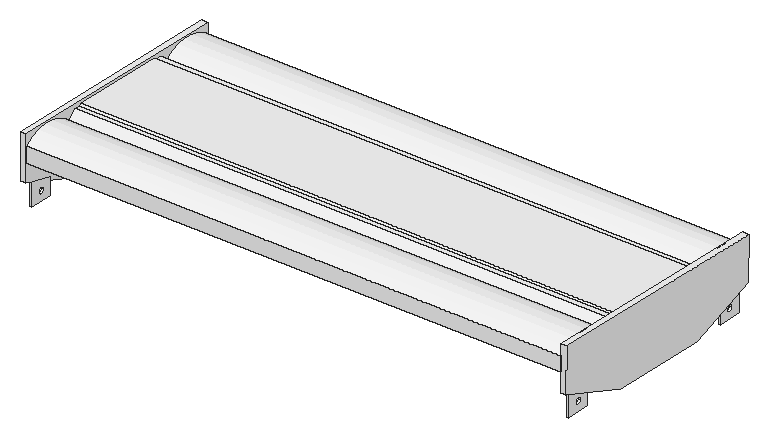
Revit family "CLB", category Lighting Fixtures, host Face, Revit 2021
Family settings
  Host = Face
  Round Connector Dimension = Use Diameter
  Part Type = Normal
  OmniClass Number = 23.80.70.11.14.17
  OmniClass Title = Direct/Indirect
  Cut with Voids When Loaded = No
  Light Source = Yes
  Shared = Yes
  Room Calculation Point = No
Parameters (values of type "CLB2-LX")
  zz Length 2 = 24"
  Watts = 75 W  # constant formula
  Wattage Comments = "75W"  # constant formula
  Wattage = 75 W
  Warranty = "Five year warranty"  # constant formula
  built-in parameter 1150110 = 1 (stored number, unit not read)
  Voltage = 120 V
  URL = "https://www.currentlighting.com/columbia"
  Type Comments = "Lighting Fixture"  # constant formula
  built-in parameter 1114217 = 1 (stored number, unit not read)
  Tilt Angle = 90.00°
  built-in parameter 1150109 = 1 (stored number, unit not read)
  built-in parameter 1150134 = 12
  built-in parameter 1150113 = 1 (stored number, unit not read)
  Product Page URL = ""
  Product Documentation Link = ""
  Power Factor = 1
  Photometric Web File = "CLB2-40LX-N-EDU.ies"
  Model = "CLB"  # constant formula
  Manufacturer = "Columbia Lighting"  # constant formula
  built-in parameter 1150105 = 830538.1 (stored number, unit not read)
  Lumens = 10436850 lm
  built-in parameter 1150115 = 1 (stored number, unit not read)
  Load Classification = Lighting
  built-in parameter 1150137 = (empty or 0)
  built-in parameter 1150139 = (empty or 0)
  built-in parameter 1150112 = 1 (stored number, unit not read)
  built-in parameter 1150114 = 1 (stored number, unit not read)
  Lamp = "LED"  # constant formula
  LX = yes
  HH = no
  Glass = White Glass
  built-in parameter 1150132 = (empty or 0)
  built-in parameter 1150102 = (empty or 0)
  built-in parameter 1150107 = 4000 (stored number, unit not read)
  built-in parameter 1150138 = (empty or 0)
  built-in parameter 1150106 = 8305.4 (stored number, unit not read)
  Emit from Rectangle Width = 13"  # constant formula
  Emit from Rectangle Length = zz Length 2 - 2"  # 22"
  Copyright = "Copyright © Columbia Lighting"  # constant formula
  Contact Us = ""
  Ceiling Type = "Celing Mount"  # constant formula
  Emit Shape Visible in Rendering = no
  built-in parameter 1150104 = 12928.2 (stored number, unit not read)
  Dimming Lamp Color Temperature Shift = Incandescent Lamp Curve
  Description = "Linear High Bay"  # constant formula
  Default Elevation = 48"
  Finish = Arctic White
  Color Filter = 16777215
  built-in parameter 1114218 = 1 (stored number, unit not read)
  built-in parameter 1150133 = 10 (stored number, unit not read)
  Assembly Code = "D5020200"
  Apparent Load = Watts / Power Factor  # 75 VA
Types (5): name | zz Length 2 | Photometric Web File | built-in parameter 1150105 | Lumens | LX | HH | built-in parameter 1150106 | Emit from Rectangle Length | built-in parameter 1150104
  (no name) | 24" | "CLB2-40LX-N-EDU.ies" | 830538.1 (stored number, unit not read) | 10436850 lm | yes | no | 8305.4 (stored number, unit not read) | 22" | 12928.2 (stored number, unit not read)
  CLB4-MX | 48" | "CLB4-50MX-W-EDU.ies" | 829.6 (stored number, unit not read) | 10425 lm | yes | no | 8.296 (stored number, unit not read) | 46" | 12.914 (stored number, unit not read)
  CLB2-LX | 24" | "CLB2-40LX-N-EDU.ies" | 830538.1 (stored number, unit not read) | 10436850 lm | yes | no | 8305.4 (stored number, unit not read) | 22" | 12928.2 (stored number, unit not read)
  CLB2-MV | 24" | "CLB2-40MV-N-EDU.ies" | 830538.1 (stored number, unit not read) | 10436850 lm | no | yes | 8305.4 (stored number, unit not read) | 22" | 12928.2 (stored number, unit not read)
  CLB4-HH | 48" | "CLB4-40HH-N-EDU.ies" | 829.6 (stored number, unit not read) | 10425 lm | no | yes | 8.296 (stored number, unit not read) | 46" | 12.914 (stored number, unit not read)
Reference planes (in)
  plane 1 "Center (Front/Back)": y = 6.16697
  plane 2: z = 0
  plane 3 "Center (Left/Right)": x = 0
  plane 4: z = 0
Lines and regions (in)
  reference lines
    curve 1: line (0, 14.66697, -3.25) -> (0, 17.66697, -0.25)
    curve 2: line (0, -2.33303, -3.25) -> (0, 14.66697, -3.25)
    curve 3: line (0, -5.33303, -0.25) -> (0, -2.33303, -3.25)
    curve 4: line (0, 14.66697, -3.25) -> (0, 17.66697, -0.25)
    curve 5: line (0, -5.33303, -0.25) -> (0, 17.66697, -0.25)
    curve 6: line (0, 17.41697, -0.77432) -> (0, 18.16697, -0.77432)
    curve 7: line (0, 17.41697, -1.52432) -> (0, 17.41697, -0.77432)
    curve 8: line (0, 16.93705, -1.52432) -> (0, 17.41697, -1.52432)
    curve 9: line (0, 15.16697, -4.25) -> (0, 16.93705, -1.52432)
    curve 10: line (0, -4.60311, -1.52432) -> (0, -2.83303, -4.25)
    curve 11: line (0, -5.08303, -1.52432) -> (0, -4.60311, -1.52432)
    curve 12: line (0, -5.08303, -0.77432) -> (0, -5.08303, -1.52432)
    curve 13: line (0, -5.83303, -0.77432) -> (0, -5.08303, -0.77432)
Dimensions and locks (in)
  aligned and locked: plane 2 to host face
  aligned and locked: level to host face
  aligned and locked: imposter light to plane 3 "Center (Left/Right)"
  aligned and locked: imposter light to plane 1 "Center (Front/Back)"
  aligned and locked: plane 3 "Center (Left/Right)" to nested 1
  aligned and locked: plane 1 "Center (Front/Back)" to nested 1
  aligned and locked: plane 3 "Center (Left/Right)" to nested 2
  aligned and locked: plane 1 "Center (Front/Back)" to nested 2
Nested families (in)
  nested 1: "C" at (2.04767, 6.12698, 0), Glass <- "Glass", Backbox <- "Finish", zz Length 1 <- "zz Length 2", visible <- "HH", type "HH-14"
    with zz Length 2 14.59", zz Length 1 24", Glass White Glass, Backbox Arctic White
  nested 2: "LED High Performance High Bay" at (2.04767, 6.12698, 0), visible <- "LX", zz Length 1 <- "zz Length 2", Glass <- "Glass", Backbox <- "Finish", type "LX-10"
    with zz Length 2 14.7", zz Length 1 24", Glass White Glass, Backbox Arctic White
Connectors (in)
  electrical at (0, 6.16697, 0), driven by "Load Classification", driven by "Voltage", driven by "Apparent Load", driven by "Power Factor"
    settings: on nested 1, index 1, voltage 120 V, apparent load 75 VA, apparent load phase1 0 VA, apparent load phase2 0 VA, apparent load phase3 0 VA, power factor 1, load classification "Lighting", number of poles 1, system type 30, power factor state 1, is connector primary yes, connector utility no, sub classification motor no, connector description "Electrical Connector"
Definition of nested family "C"
  Parameters
    zz Length 2 [instance] = 14.7"
    Wattage Comments = ""
    URL = ""
    zz Length 1 [instance] = 43.1"
    Model = ""
    Manufacturer = ""
    Lamp = ""
    Glass [instance] = none
    Description = ""
    Default Elevation = 48"
    Backbox [instance] = none
  Reference planes (in)
    plane 1 "Center (Front/Back)": y = 0.03999
    plane 2: z = 0
    plane 3 "Center (Left/Right)": x = -2.04767
    plane 4: x = -23.59767
    plane 5: x = 19.50233
    plane 6: x = -23.34767
    plane 7: x = 19.25233
    plane 8: z = 3
    plane 9: y = -7.31001
    plane 10: y = 7.38999
    plane 11: y = 3.18043
    plane 12: y = -3.10045
    plane 13: x = -23.44767
    plane 14: x = 19.35233
  Forms (in)
    Extrusion 1, solid
      sketch origin (0, 0, 0.06357) x (1, 0, 0) y (0, 1, 0)
        loop
          line (-48, 48) -> (-48, -48) -> (48, -48) -> (48, 48) -> (-48, 48)
      from -0.06357 to -17.74365
    Extrusion 2, solid, material <- "Backbox"
      sketch origin (-2.04767, 0, 0) x (0, 1, 0) y (0, 0, 1)
        loop
          line (7.38999, 1.08521) -> (7.38999, 2.75) -> (-7.31001, 2.75) -> (-7.31001, 1.08521) -> (-3.32094, 0.01634) -> (3.40092, 0.01634) -> (7.38999, 1.08521)
      from 21.3 to 21.55
    Extrusion 3, solid, material <- "Backbox"
      sketch origin (-2.04767, 0, 0) x (0, 1, 0) y (0, 0, 1)
        loop
          line (2.07792, 2.30355) -> (-1.99794, 2.30355) -> (-2.05612, 2.22331) -> (-2.30612, 2.22331) -> (-2.62077, 1.90866)
          arc (-2.62077, 1.90866) -> (-3.67692, 2.55508) -> (-4.73308, 1.90866) r 1.18601
          arc (-4.73308, 1.90866) -> (-5.79953, 2.6601) -> (-6.86599, 1.90866) r 1.13249
          line (-6.86599, 1.90866) -> (-6.69345, 1.67) -> (-3.14716, 0.01634) -> (3.40092, 0.01634) -> (6.77343, 1.67) -> (6.94597, 1.90866)
          arc (6.94597, 1.90866) -> (5.87951, 2.6601) -> (4.81306, 1.90866) r 1.13249
          arc (4.81306, 1.90866) -> (3.75691, 2.55508) -> (2.70075, 1.90866) r 1.18601
          line (2.70075, 1.90866) -> (2.38611, 2.22331) -> (2.13611, 2.22331) -> (2.07792, 2.30355)
      from -21.3 to 21.3
    Extrusion 4, solid, material <- "Backbox"
      sketch origin (-2.04767, 0, 0) x (0, 1, 0) y (0, 0, -1)
        loop
          line (7.38999, -1.08521) -> (3.40092, -0.01634) -> (-3.32094, -0.01634) -> (-7.31001, -1.08521) -> (-7.31001, -2.75) -> (7.38999, -2.75) -> (7.38999, -1.08521)
      from 21.3 to 21.55
    Extrusion 5, solid, material <- "Backbox"
      sketch origin (-2.04767, 0, 0) x (0, 1, 0) y (0, 0, 1)
        loop
          line (5.2063, 0.50009) -> (5.2063, -0.23196) -> (6.2063, -0.23196) -> (6.2063, 0.76804) -> (5.2063, 0.50009)
        loop
          circle (5.69721, 0.19066) r 0.15
        loop
          line (-5.12631, 0.50009) -> (-6.12631, 0.76804) -> (-6.12631, -0.23196) -> (-5.12631, -0.23196) -> (-5.12631, 0.50009)
        loop
          circle (-5.61723, 0.19066) r 0.15
      from 21.3 to 21.4
    Extrusion 6, solid, material <- "Backbox"
      sketch origin (-2.04767, 0, 0) x (0, 1, 0) y (0, 0, -1)
        loop
          line (5.2063, -0.50009) -> (6.2063, -0.76804) -> (6.2063, 0.23196) -> (5.2063, 0.23196) -> (5.2063, -0.50009)
        loop
          circle (5.69721, -0.19066) r 0.15
        loop
          line (-5.12631, -0.50009) -> (-5.12631, 0.23196) -> (-6.12631, 0.23196) -> (-6.12631, -0.76804) -> (-5.12631, -0.50009)
        loop
          circle (-5.61723, -0.19066) r 0.15
      from 21.3 to 21.4
  Dimensions and locks (in)
    equal spacing: plane 5, plane 3 "Center (Left/Right)", plane 4
    locked: plane 6 to plane 4 at 0.25
    "zz Length 1": plane 5 to plane 4
    equal spacing: plane 7, plane 3 "Center (Left/Right)", plane 6
    plane 8 to plane 2 = 3"
    equal spacing: plane 10, plane 1 "Center (Front/Back)", plane 9
    "zz Length 2": plane 10 to plane 9
    locked: plane 10 to plane 11 at 4.20956
    locked: plane 12 to plane 9 at 4.20956
    plane 10 to plane 9 = 14.7"
    locked: plane 13 to plane 4 at 0.15
    locked: plane 5 to plane 14 at 0.15
    aligned and locked: plane 2 to Extrusion 1
    aligned and locked: level to Extrusion 1
    aligned and locked: Extrusion 3 to plane 6
    aligned and locked: plane 7 to Extrusion 3
    aligned and locked: plane 5 to Extrusion 2
    aligned and locked: Extrusion 2 to plane 7
    aligned and locked: Extrusion 5 to plane 7
    aligned and locked: plane 6 to Extrusion 4
    aligned and locked: Extrusion 4 to plane 4
    aligned and locked: plane 6 to Extrusion 6
    aligned and locked: Extrusion 6 to plane 13
    aligned and locked: plane 14 to Extrusion 5
  Automatic sketch dimensions
    Extrusion 1 sketch curve to Extrusion 1 sketch curve = 96"  (x2)
    Extrusion 2 sketch curve to plane 9 = 0"
    Extrusion 2 sketch curve to plane 10 = 0"
    level to Extrusion 2 sketch curve = 0.01634"
    Extrusion 2 sketch curve to plane 12 = 0.22049"
    Extrusion 2 sketch curve to plane 11 = 0.22049"
    level to Extrusion 2 sketch curve = 1.08521"  (x2)
    Extrusion 2 sketch curve to plane 8 = 1/4"
    Extrusion 3 sketch curve to plane 9 = 0.44402"
    Extrusion 3 sketch curve to Extrusion 3 sketch curve = 0.17254"  (x2)
    Extrusion 3 sketch curve to Extrusion 3 sketch curve = 0.89392"
    Extrusion 3 sketch curve to plane 12 = 0.57648"
    level to Extrusion 3 sketch curve = 0.01634"
    Extrusion 3 sketch curve to plane 12 = 0.04671"
    plane 12 to Extrusion 3 sketch curve = 0.47968"
    Extrusion 3 sketch curve to Extrusion 3 sketch curve = 0.31465"  (x4)
    Extrusion 3 sketch curve to Extrusion 3 sketch curve = 1/4"  (x2)
    Extrusion 3 sketch curve to Extrusion 3 sketch curve = 0.05819"  (x2)
    plane 11 to Extrusion 3 sketch curve = 1.10251"
    Extrusion 3 sketch curve to plane 11 = 0.22049"
    Extrusion 3 sketch curve to plane 11 = 0.57648"
    Extrusion 3 sketch curve to plane 10 = 1.51048"
    Extrusion 3 sketch curve to plane 10 = 0.61656"
    level to Extrusion 3 sketch curve = 1.36907"  (x2)
    Extrusion 3 sketch curve to plane 8 = 1.47239"  (x2)
    Extrusion 3 sketch curve to Extrusion 3 sketch curve = 0.14239"  (x2)
    Extrusion 3 sketch curve to plane 8 = 1.09134"  (x2)
    Extrusion 3 sketch curve to Extrusion 3 sketch curve = 0.23866"  (x2)
    Extrusion 3 sketch curve to Extrusion 3 sketch curve = 0.08024"
    Extrusion 4 sketch curve to plane 9 = 0"
    Extrusion 4 sketch curve to plane 10 = 0"
    level to Extrusion 4 sketch curve = 0.01634"
    Extrusion 4 sketch curve to plane 12 = 0.22049"
    Extrusion 4 sketch curve to plane 11 = 0.22049"
    level to Extrusion 4 sketch curve = 1.08521"  (x2)
    Extrusion 4 sketch curve to plane 8 = 1/4"
    Extrusion 5 sketch curve to plane 9 = 1.1837"
    level to Extrusion 5 sketch curve = 0.19066"  (x2)
    Extrusion 5 sketch curve to Extrusion 5 sketch curve = 0.50908"  (x2)
    Extrusion 5 sketch curve to level = 0.23196"  (x2)
    Extrusion 5 sketch curve to Extrusion 5 sketch curve = 0.49092"  (x2)
    level to Extrusion 5 sketch curve = 0.50009"  (x2)
    Extrusion 5 sketch curve to plane 11 = 2.02587"
    level to Extrusion 5 sketch curve = 0.76804"  (x2)
    Extrusion 6 sketch curve to plane 9 = 1.1837"
    level to Extrusion 6 sketch curve = 0.19066"  (x2)
    Extrusion 6 sketch curve to Extrusion 6 sketch curve = 0.50908"  (x2)
    Extrusion 6 sketch curve to level = 0.23196"  (x2)
    Extrusion 6 sketch curve to Extrusion 6 sketch curve = 0.49092"  (x2)
    level to Extrusion 6 sketch curve = 0.50009"  (x2)
    Extrusion 6 sketch curve to plane 11 = 2.02587"
    level to Extrusion 6 sketch curve = 0.76804"  (x2)
    radius of Extrusion 5 sketch curve = 0.15"  (x2)
    radius of Extrusion 6 sketch curve = 0.15"  (x2)
Definition of nested family "LED High Performance High Bay"
  Parameters
    zz Length 2 [instance] = 14.7"
    Wattage Comments = ""
    URL = ""
    zz Length 1 [instance] = 43.1"
    Model = ""
    Manufacturer = ""
    Lamp = ""
    Glass [instance] = none
    Description = ""
    Default Elevation = 48"
    Backbox [instance] = none
  Reference planes (in)
    plane 1 "Center (Front/Back)": y = 0.03999
    plane 2: z = 0
    plane 3 "Center (Left/Right)": x = -2.04767
    plane 4: x = -23.59767
    plane 5: x = 19.50233
    plane 6: x = -23.34767
    plane 7: x = 19.25233
    plane 8: z = 3
    plane 9: y = -7.31001
    plane 10: y = 7.38999
    plane 11: y = 3.18043
    plane 12: y = -3.10045
    plane 13: x = -23.44767
    plane 14: x = 19.35233
    plane 15: y = 5.03999
    plane 16: y = -4.96001
  Forms (in)
    Extrusion 1, solid
      sketch origin (0, 0, 0.06357) x (1, 0, 0) y (0, 1, 0)
        loop
          line (-48, 48) -> (-48, -48) -> (48, -48) -> (48, 48) -> (-48, 48)
      from -0.06357 to -17.74365
    Extrusion 2, solid, material <- "Backbox"
      sketch origin (-2.04767, 0, 0.625) x (0, 1, 0) y (0, 0, 1)
        loop
          line (5.03999, 0.45553) -> (5.03999, 2.375) -> (-4.96001, 2.375) -> (-4.96001, 0.45553) -> (-1.99128, -0.625) -> (2.21391, -0.625) -> (5.03999, 0.45553)
      from 21.3 to 21.55
    Extrusion 3, solid, material <- "Backbox"
      sketch origin (-2.04767, 0, 0.625) x (0, 1, 0) y (0, 0, 1)
        loop
          line (2.07792, 2.30355) -> (-1.99794, 2.30355) -> (-2.05612, 2.22331) -> (-2.30612, 2.22331) -> (-2.62077, 1.90866)
          arc (-2.62077, 1.90866) -> (-3.79039, 2.35587) -> (-4.96001, 1.90866) r 1.75311
          line (-4.96001, 1.90866) -> (-4.96001, 1.25323) -> (-2.04609, 0.01634) -> (2.12607, 0.01634) -> (5.03999, 1.19364) -> (5.03999, 1.90866)
          arc (5.03999, 1.90866) -> (3.87037, 2.35587) -> (2.70075, 1.90866) r 1.75311
          line (2.70075, 1.90866) -> (2.38611, 2.22331) -> (2.13611, 2.22331) -> (2.07792, 2.30355)
      from -21.3 to 21.3
    Extrusion 4, solid, material <- "Backbox"
      sketch origin (-2.04767, 0, 0.625) x (0, 1, 0) y (0, 0, -1)
        loop
          line (5.03999, -2.375) -> (5.03999, -0.45553) -> (2.21391, 0.625) -> (-1.99128, 0.625) -> (-4.96001, -0.45553) -> (-4.96001, -2.375) -> (5.03999, -2.375)
      from 21.3 to 21.55
    Extrusion 5, solid, material <- "Backbox"
      sketch origin (-2.04767, 0, 0.625) x (0, 1, 0) y (0, 0, 1)
        loop
          line (-3.62631, 0.09384) -> (-4.62631, 0.36179) -> (-4.62631, -0.63821) -> (-3.62631, -0.63821) -> (-3.62631, 0.09384)
        loop
          circle (-4.11723, -0.21559) r 0.15
        loop
          line (3.7063, 0.09384) -> (3.7063, -0.63821) -> (4.7063, -0.63821) -> (4.7063, 0.36179) -> (3.7063, 0.09384)
        loop
          circle (4.19721, -0.21559) r 0.15
      from 21.3 to 21.4
    Extrusion 6, solid, material <- "Backbox"
      sketch origin (-2.04767, 0, 0.625) x (0, 1, 0) y (0, 0, -1)
        loop
          line (-3.62631, -0.09384) -> (-3.62631, 0.63821) -> (-4.62631, 0.63821) -> (-4.62631, -0.36179) -> (-3.62631, -0.09384)
        loop
          circle (-4.11723, 0.21559) r 0.15
        loop
          line (3.7063, -0.09384) -> (4.7063, -0.36179) -> (4.7063, 0.63821) -> (3.7063, 0.63821) -> (3.7063, -0.09384)
        loop
          circle (4.19721, 0.21559) r 0.15
      from 21.3 to 21.4
  Dimensions and locks (in)
    equal spacing: plane 5, plane 3 "Center (Left/Right)", plane 4
    locked: plane 6 to plane 4 at 0.25
    "zz Length 1": plane 5 to plane 4
    equal spacing: plane 7, plane 3 "Center (Left/Right)", plane 6
    plane 8 to plane 2 = 3"
    equal spacing: plane 10, plane 1 "Center (Front/Back)", plane 9
    "zz Length 2": plane 10 to plane 9
    locked: plane 10 to plane 11 at 4.20956
    locked: plane 12 to plane 9 at 4.20956
    plane 10 to plane 9 = 14.7"
    locked: plane 13 to plane 4 at 0.15
    locked: plane 5 to plane 14 at 0.15
    aligned and locked: plane 2 to Extrusion 1
    aligned and locked: level to Extrusion 1
    aligned and locked: Extrusion 3 to plane 6
    aligned and locked: plane 7 to Extrusion 3
    aligned and locked: plane 5 to Extrusion 2
    aligned and locked: Extrusion 2 to plane 7
    aligned and locked: Extrusion 5 to plane 7
    aligned and locked: plane 6 to Extrusion 4
    aligned and locked: Extrusion 4 to plane 4
    aligned and locked: plane 6 to Extrusion 6
    aligned and locked: Extrusion 6 to plane 13
    aligned and locked: plane 14 to Extrusion 5
  Automatic sketch dimensions
    Extrusion 1 sketch curve to Extrusion 1 sketch curve = 96"  (x2)
    Extrusion 4 sketch curve to plane 9 = 2.35"
    Extrusion 4 sketch curve to plane 10 = 2.35"
    plane 8 to Extrusion 4 sketch curve = 0"
    Extrusion 3 sketch curve to plane 16 = 0"
    Extrusion 3 sketch curve to plane 15 = 0"
    Extrusion 3 sketch curve to plane 12 = 0.68994"
    plane 12 to Extrusion 3 sketch curve = 0.47968"
    Extrusion 3 sketch curve to Extrusion 3 sketch curve = 0.31465"  (x4)
    Extrusion 3 sketch curve to Extrusion 3 sketch curve = 1/4"  (x2)
    level to Extrusion 3 sketch curve = 0.64134"
    plane 12 to Extrusion 3 sketch curve = 1.05436"
    Extrusion 3 sketch curve to Extrusion 3 sketch curve = 0.05819"  (x2)
    plane 11 to Extrusion 3 sketch curve = 1.10251"
    plane 11 to Extrusion 3 sketch curve = 1.05436"
    level to Extrusion 3 sketch curve = 1.22776"  (x2)
    Extrusion 3 sketch curve to plane 11 = 0.68994"
    level to Extrusion 3 sketch curve = 1.81864"
    Extrusion 3 sketch curve to plane 8 = 0.46634"  (x2)
    Extrusion 3 sketch curve to Extrusion 3 sketch curve = 0.08024"
    Extrusion 3 sketch curve to Extrusion 3 sketch curve = 0.65544"
    Extrusion 6 sketch curve to plane 16 = 0.3337"
    level to Extrusion 6 sketch curve = 0.40941"  (x2)
    Extrusion 6 sketch curve to Extrusion 6 sketch curve = 0.50908"
    Extrusion 6 sketch curve to plane 12 = 0.52587"
    level to Extrusion 6 sketch curve = 0.71884"  (x2)
    Extrusion 6 sketch curve to plane 11 = 0.52587"
    Extrusion 6 sketch curve to Extrusion 6 sketch curve = 0.49092"
    plane 15 to Extrusion 6 sketch curve = 0.3337"
    level to Extrusion 6 sketch curve = 0.98679"  (x2)
    Extrusion 6 sketch curve to level = 0.01321"  (x2)
    Extrusion 5 sketch curve to plane 16 = 0.3337"
    level to Extrusion 5 sketch curve = 0.40941"  (x2)
    Extrusion 5 sketch curve to Extrusion 5 sketch curve = 0.50908"
    Extrusion 5 sketch curve to plane 12 = 0.52587"
    level to Extrusion 5 sketch curve = 0.71884"  (x2)
    Extrusion 5 sketch curve to plane 11 = 0.52587"
    Extrusion 5 sketch curve to Extrusion 5 sketch curve = 0.49092"
    plane 15 to Extrusion 5 sketch curve = 0.3337"
    Extrusion 5 sketch curve to level = 0.01321"  (x2)
    level to Extrusion 5 sketch curve = 0.98679"  (x2)
    Extrusion 2 sketch curve to plane 8 = 0"
    Extrusion 2 sketch curve to plane 16 = 0"
    Extrusion 2 sketch curve to level = 0"
    Extrusion 2 sketch curve to plane 15 = 0"
    level to Extrusion 2 sketch curve = 1.08053"  (x2)
    plane 12 to Extrusion 2 sketch curve = 1.10917"
    plane 11 to Extrusion 2 sketch curve = 0.96652"
    Extrusion 4 sketch curve to level = 0"
    plane 12 to Extrusion 4 sketch curve = 1.10917"
    plane 11 to Extrusion 4 sketch curve = 0.96652"
    level to Extrusion 4 sketch curve = 1.08053"  (x2)
    radius of Extrusion 6 sketch curve = 0.15"  (x2)
    radius of Extrusion 5 sketch curve = 0.15"  (x2)
